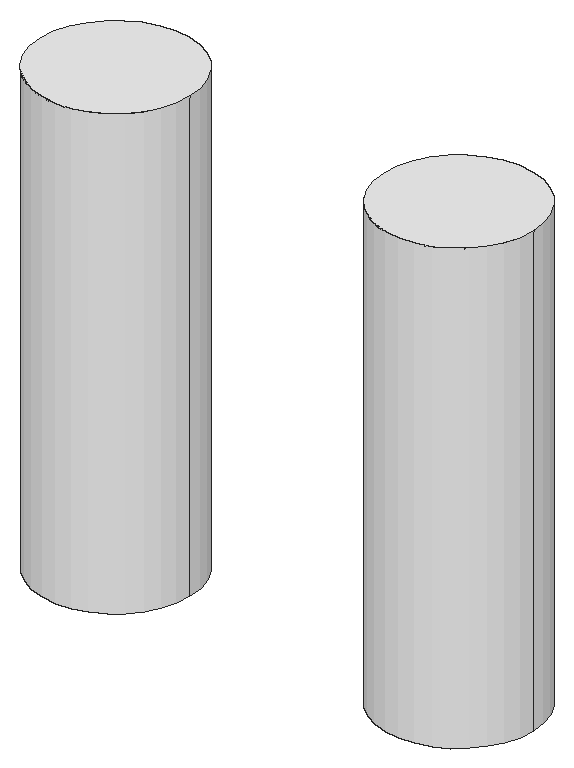
Revit family "55542203(2022)", category Plumbing Fixtures, Revit 2020
Family settings
  Round Connector Dimension = Use Diameter
  Part Type = Normal
  OmniClass Number = 23.45.55.00
  OmniClass Title = Sanitary Faucets, Wastes
  Work Plane-Based = No
  Always vertical = Yes
  Cut with Voids When Loaded = No
  Shared = No
  Room Calculation Point = No
Parameters (values of type "55542203 Washbasin faucet ")
  Working Pressure = "50 - 1000 kPa"
  WarrantyStartDate [instance] = "n/a"
  WarrantyGuarantorParts = "n/a"
  WarrantyGuarantorLabor = "n/a"
  WarrantyDurationUnit = "Year"
  WarrantyDurationParts = "n/a"
  WarrantyDurationLabor = "n/a"
  WarrantyDescription = "http://warranty.hansa.com"
  Warranty Information URL = "http://warranty.hansa.com"
  VersionDate = "01/06/2023"
  Version = "1"
  ValvePattern = "n/a"
  ValveOperation = "n/a"
  ValveMechanism = "n/a"
  Uniclass2015Reference = "Pr_40_20_87_96"
  Uniclass2015Description = "Washbasin manual water supply sets"
  Uniclass2 = "Pr_40_30_96_96"
  URL UWL = "http://static.hansa.com/UWL/55542203"
  URL REACH = "http://static.hansa.com/doc/reach"
  URL EcoLabel Declaration = "http://static.hansa.com/doc/EcoLabel"
  URL EU Packaging Declaration = "http://static.hansa.com/doc/packaging"
  URL Declaration of SCIP = "http://static.hansa.com/doc/SCIP"
  URL Declaration of Conformity = "http://static.hansa.com/DoC/55542203"
  URL Declaration of Asbestos = "http://static.hansa.com/doc/asbestos"
  URL Declaration Of Performance (DOP) = "http://static.hansa.com/doc/DoP"
  URL DVGW = "http://static.hansa.com/DVGW/55542203"
  URL ABP = "http://static.hansa.com/ABP/55542203"
  URL = ""
  UNSPSC Class Number = "30181700 Faucets or taps"
  Type Comments = ""
  TestPressure = "n/a"
  Technical DataSheet URL = "http://www.hansa.com/datasheet/55542203/en"
  TagNumber [instance] = "n/a"
  SustainabilityPerformance = "n/a"
  Surface treatment = "Chrome"
  Spout Type = "Swivel spout"
  Spout Swivel Range = "120°"
  Spout Projection = "150 mm"
  Spare-Part Information URL = "http://static.hansa.com/sp/55542203"
  Size = "100x190x255 mm"
  Shape = "Sculptured"
  SerialNumber [instance] = "n/a"
  Sales Package dimensions (LxWxH) = "360 x 270 x 85"
  Revision = "n/a"
  ReplacementCost = "n/a"
  ProductInformation = "n/a"
  Product URL = "http://static.hansa.com/55542203"
  Product Image URL = "http://static.hansa.com/image/55542203"
  Product Family = "5160 "
  Product Code = "55542203"
  OperatingMechanismMaterial = "n/a"
  NominalWidth = 104.389 mm
  NominalHeight = 252.037 mm
  NominalDepth = 187.067 mm
  Noise Class = "I (ISO 3822)"
  Name_en = "55542203 Washbasin faucet"
  Name = "55542203 Washbasin faucet"
  NBSReference = "45-35-70/371"
  NBSDescription = "Water supply fittings for wash basins and troughs"
  Mounting Holes = "1 hole"
  ModelReference = "55542203"
  ModelNumber = "n/a"
  Model = "55542203 Washbasin faucet"
  Mobile Product Information URL = "http://mpi.hansa.com/55542203"
  Mechanical Parts = "ø 35 mm ceramic cartridge for flow and temperature control"
  Max. Hot Water Supply = 70 °C
  Material = "Brass"
  Market = "Austria;Czech Republic;Germany;International;Italy;Slovakia"
  ManufacturerURL = "http://www.hansa.com"
  ManufacturerName = "HANSA"
  Manufacturer = "HANSA"
  Lever Handle = "Hot/Cold symbols;Single operating lever/handle"
  Keynote = ""
  Interactive AR View URL = "https://static.hansa.com/AR/55542203"
  InstallationDate [instance] = "n/a"
  Installation and Maintenance Guide URL = "http://static.hansa.com/manual/55542203"
  Installation Type = "Deck mounted"
  InletConnectionSize = 10 mm
  IfcExportType = "FAUCET"  # constant formula
  IfcExportAs = "IfcValveType"  # constant formula
  Group = "Washbasin faucet"
  Grade = "n/a"
  FlowCoefficient = 0
  Flow Rate At 300kPa With Flow Controller = 0.08 L/s
  Flow Drawing URL = "http://static.hansa.com/flowchart/55542203"
  Finish = "Polished"
  Features = "Single-lever, side operated"
  FaucetMainMaterial = Brass
  FDV Document URL = "http://www.hansa.com/datasheet/55542203/en/fdv"
  ExpectedLife = "n/a"
  Excluded Items = "Without pop-up waste;Without draw-rod opening"
  ETIM Class Number = "EC011328 Washbasin mixing tap"
  EN Standard = "EN 817"
  EAN Number = "4057304019012"
  DurationUnit = "Year"
  Dimension Drawing URL = "http://static.hansa.com/dimdrw/55542203"
  Description = ""
  DefaultElevation [instance] = 900 mm
  Default Elevation = 0 mm
  Constituents = "n/a"
  Connection Size = "G3/8"
  Connection = "Flexible inlet pipes"
  Color = "Chrome"
  CodePerformance = "n/a"
  CloseOffRating = 0
  Category = "Washbasin"
  Catalog Drawing URL = "http://static.hansa.com/catdrw/55542203"
  Brand = "HANSA"
  BodyMaterial = "Brass"
  Barcode [instance] = "n/a"
  Backflow Prevention EN1717 = "AA"
  BIMObjectName = "55542203(2022)"
  Author = "BIMStone"
  AssetType = "Fixed"
  AssetIdentifier [instance] = "n/a"
  Approval DVGW = "DW-6506DO0165"
  Approval ABP = "PA-IX 10073/IO"
  Aerator = "PCA® - constant flow rate regardless of pressure variations"
  Advanced Features = "Rapid installation system"
  AccessibilityPerformance = "n/a"
  3D View = "https://static.hansa.com/AR/55542203"
  2D/3D/BIM Files URL = "http://static.hansa.com/bim/55542203"
Reference planes
  plane 1 "Center (Front/Back)": y = 0
  plane 2: z = 0
  plane 3 "Center (Left/Right)": x = 0
  plane 4: x = -25
  plane 5: z = 900
  plane 6: z = 870
  plane 7: y = -187.067
  plane 8: x = 25
  plane 9: z = 1152.037
  plane 10: x = 79.389
Forms (mm)
  Extrusion 1, solid, material "Brass" <- "FaucetMainMaterial"
    sketch origin (0, -2.393, 0) x (1, 0, 0) y (0, 1, 0)
      loop
        circle (-11.5, -22.5) r 5
      loop
        circle (11.5, -22.5) r 5
    from 870 to 900
Dimensions and locks
  "DefaultElevation": plane 5 to level
  locked: plane 5 to plane 6 at 30
  "NominalDepth": plane 7 to plane 1 "Center (Front/Back)"
  equal spacing: plane 4, plane 3 "Center (Left/Right)", plane 8
  "NominalHeight": plane 9 to plane 5
  locked: plane 8 to plane 10 at 54.389
  "NominalWidth": plane 4 to plane 10
  "InletConnectionSize": diameter of Extrusion 1 sketch curve  (x2)
  aligned and locked: level to plane 2
  aligned and locked: plane 5 to Extrusion 1
  aligned and locked: Extrusion 1 to plane 6
  aligned and locked: plane 1 "Center (Front/Back)" to nested 2
  aligned and locked: plane 3 "Center (Left/Right)" to nested 2
  aligned and locked: plane 3 "Center (Left/Right)" to nested 1
  aligned and locked: plane 1 "Center (Front/Back)" to nested 1
  aligned and locked: plane 5 to nested 2
Automatic sketch dimensions
  Extrusion 1 sketch curve to plane 3 "Center (Left/Right)" = 11.5 mm
  plane 3 "Center (Left/Right)" to Extrusion 1 sketch curve = 11.5 mm
  plane 1 "Center (Front/Back)" to Extrusion 1 sketch curve = 24.893 mm  (x2)
Nested families
  nested 1: "Symbol" at (0, 0, 0), type "Symbol", detail levels coarse
  nested 2: "55542203_Body" at (0, 0, 900), Material <- "FaucetMainMaterial", type "55542203_Body"
    with Material Brass
Connectors
  piping at (-11.5, -24.893, 870), diameter 10, driven by "InletConnectionSize"
    settings: on Extrusion 1, index 1, connector inside diameter 609.6 mm, connector length 0 mm, flow factor 0, pipe flow 0.08 L/s, pressure drop 0.0 Pa, fitting loss kfactor 0, connector angle 0.00°, fixture units 0, engagement length 0 mm, angle of deflection 0.00°, flow configuration 1, flow direction 1, fitting loss method 0, system type 19, joint type 0, gender type 0, connector reference index -1, connector utility 0, adjustable connector no, is connector primary yes, connector description ""
  piping at (11.5, -24.893, 870), diameter 10, driven by "InletConnectionSize"
    settings: on Extrusion 1, index 2, connector inside diameter 609.6 mm, connector length 0 mm, flow factor 0, pipe flow 0.08 L/s, pressure drop 0.0 Pa, fitting loss kfactor 0, connector angle 0.00°, fixture units 0, engagement length 0 mm, angle of deflection 0.00°, flow configuration 1, flow direction 1, fitting loss method 0, system type 20, joint type 0, gender type 0, connector reference index -1, connector utility 0, adjustable connector no, is connector primary no, connector description ""
Definition of nested family "Symbol"
  Reference planes
    plane 1: y = 0
    plane 2: x = 0
  Lines and regions (mm)
    detail lines
      curve 1: line (0, 0, 0) -> (0, -1.8, 0)
      curve 2: line (-0.4, -1.1, 0) -> (0.4, -1.1, 0)
      curve 3: line (-0.4, -1.4, 0) -> (0.4, -1.4, 0)
      curve 4: line (0.863, 0, 0) -> (-0.863, 0, 0)
      curve 5: circle (-1.163, 0, 0) r 0.3 normal (0, 0, -1)
      curve 6: circle (1.163, 0, 0) r 0.3 normal (0, 0, 1)
